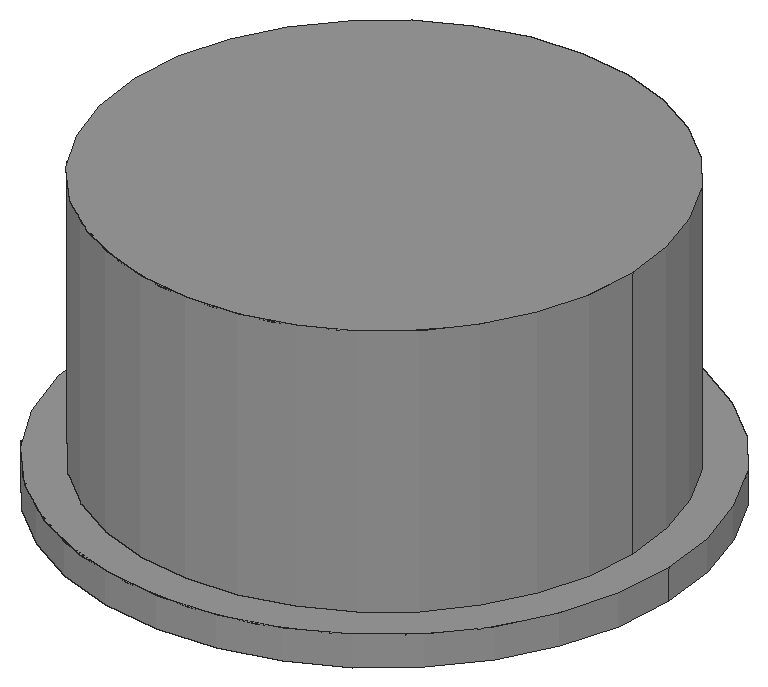
Revit family "LUNARIS-ENC_ORIENTABLE_LED_IP44_8W_RECOUVRABLE_BLANC_4000K", category Lighting Fixtures, host Ceiling, Revit 2021
Family settings
  Host = Ceiling
  Round Connector Dimension = Use Diameter
  Part Type = Normal
  OmniClass Number = 23.80.70.11
  OmniClass Title = Luminaries for Internal Lighting
  Always vertical = Yes
  Cut with Voids When Loaded = No
  Light Source = Yes
  Shared = No
  Room Calculation Point = No
Parameters (values of type "Type 1")
  Wattage = 4.38933 W
  built-in parameter 1150110 = 1 (stored number, unit not read)
  URL = "https://www.lucera.fr/"
  Type de lampe = "LED Luminus COB"
  built-in parameter 1114217 = 1 (stored number, unit not read)
  Tilt Angle = 90.00°
  built-in parameter 1150109 = 1 (stored number, unit not read)
  built-in parameter 1150134 = 12
  built-in parameter 1150113 = 1 (stored number, unit not read)
  SDCM = "<4"
  Puissance nominale = "8W"
  Photometric Web File = "google_eulumdat_converter.ies"
  Manufacturer = "Lucera - Lucera (c) 06/01/2021 16:40:22 +01:00"  # constant formula
  Lumens = 652 lm
  built-in parameter 1150115 = 1 (stored number, unit not read)
  built-in parameter 1150105 = 51.885 (stored number, unit not read)
  built-in parameter 1150137 = (empty or 0)
  built-in parameter 1150139 = (empty or 0)
  built-in parameter 1150112 = 1 (stored number, unit not read)
  built-in parameter 1150114 = 1 (stored number, unit not read)
  built-in parameter 1150132 = 2
  built-in parameter 1150102 = (empty or 0)
  built-in parameter 1150138 = (empty or 0)
  built-in parameter 1150107 = 4000 (stored number, unit not read)
  built-in parameter 1150106 = 0.51885 (stored number, unit not read)
  IRC = ">80"
  Fintion = "Blanc mat"
  built-in parameter 1150104 = 13.8 (stored number, unit not read)
  Durée de vie = "50 000 heures"
  Driver = "Driver intégré No flicker non dimmable"
  Dimming Lamp Color Temperature Shift = <None>
  Dimensions d’encastrement = "ø83 mm"
  Dimensions = "ø95 mm; H : 47 mm"
  Default Elevation = 0 mm
  Color Filter = 16777215
  built-in parameter 1114218 = 1 (stored number, unit not read)
  built-in parameter 1150133 = 10 (stored number, unit not read)
  Angle d'éclairage = "40°"
  Alimentation luminaire = "190mA / 27-41V dc"
  Alimentation Driver = "AC 220-240V"
Reference planes
  plane 1 "Light Source Axis (F/B)": y = 0
  plane 2: z = 0
  plane 3 "Light Source Axis (L/R)": x = 0
  plane 4 "Ceiling": z = 4000
  plane 5 "Light Source Elevation": z = 3988.957
Forms (mm)
  Extrusion 1, solid, material "Acrylic"
    sketch origin (0, 0, 4000) x (0, 1, 0) y (-1, 0, 0)
      loop
        circle (0, 0) r 47.5
      loop
        circle (0, 0) r 23.75
    from -5 to 0
  Extrusion 2, solid, material "Glass, White, High Luminance"
    sketch origin (0, 0, 4000) x (0, 1, 0) y (-1, 0, 0)
      loop
        circle (0, 0) r 23.75
    from -5 to 0
  Extrusion 3, solid, material "Acrylic"
    sketch origin (0, 0, 4000) x (0, 1, 0) y (-1, 0, 0)
      loop
        circle (0, 0) r 41.5
    from 0 to 42
Lines and regions (mm)
  reference lines
    curve 1: line (0, 0, 4000) -> (47.5, 0, 4000)
    curve 2: line (0, 0, 4000) -> (-41.5, 0, 4000)
    curve 3: line (0, 0, 3995) -> (0, 0, 4042)
Dimensions and locks
  equal spacing: host sketch curve, plane 3 "Light Source Axis (L/R)", host sketch curve
  equal spacing: host sketch curve, plane 1 "Light Source Axis (F/B)", host sketch curve
  host sketch curve to host sketch curve = 4000 mm  (x2)
  plane 4 "Ceiling" to host ceiling = 0 mm
  aligned and locked: plane 1 "Light Source Axis (F/B)" to imposter light
  aligned and locked: plane 5 "Light Source Elevation" to imposter light
